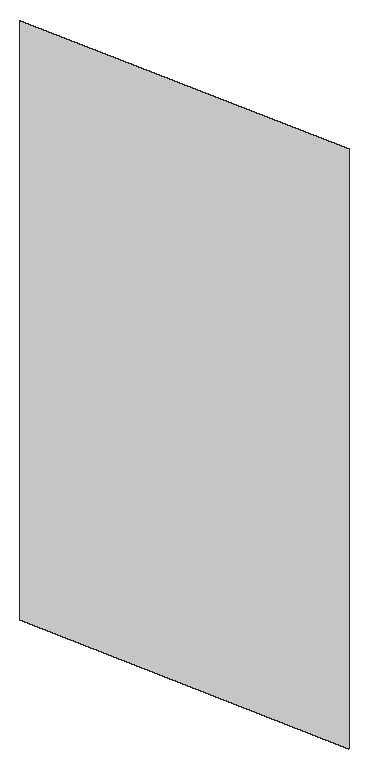
Revit family "Switch-Single (rcp)", category Electrical Fixtures, host Wall, Revit 2021
Family settings
  Host = Wall
  Maintain Annotation Orientation = No
  Round Connector Dimension = Use Diameter
  Part Type = Normal
  Always vertical = Yes
  Cut with Voids When Loaded = No
  Shared = No
  Room Calculation Point = No
Parameters (values of type "Single")
  Width = 0' - 2 3/4"
  Placement Height = 4' - 0"
  Height = 0' - 4 1/2"
  Material = Plastic - White
  Default Elevation = 0' - 0"
  Assembly Code = ""
Reference planes (in)
  plane 1: y = 0
  plane 2 "Center (Left/Right)": x = 0
  plane 3 "Back": y = 3
  plane 4 "Left": x = -1.375
  plane 5 "Right": x = 1.375
  plane 6: z = 45.75
  plane 7: z = 50.25
  plane 8: z = 48
  plane 9: y = 3.1875
  plane 10: y = 3.25
Forms (in)
  Blend 1, solid, material "Plastic - White" <- "Material"
    base sketch origin (0, 3, 0) x (1, 0, 0) y (0, 0, 1)
      loop
        line (1.375, 50.25) -> (-1.375, 50.25) -> (-1.375, 45.75) -> (1.375, 45.75) -> (1.375, 50.25)
    top sketch origin (0, 3, 0) x (1, 0, 0) y (0, 0, 1)
      loop
        line (1.1875, 50.0625) -> (-1.1875, 50.0625) -> (-1.1875, 45.9375) -> (1.1875, 45.9375) -> (1.1875, 50.0625)
    from 0 to -0.1875
Lines and regions (in)
  model lines, style "InvisibleLines"
    curve 1: line (0, 3, 39.75) -> (0, 3, 104.75)
Text (in)
  text "Placement Side" at (0, 40.15149, 123.01588), in view "Right"
  text "Placement Side" at (0, 47.49176, 140.59947), in view "Left"
Dimensions and locks (in)
  locked: plane 3 "Back" to host wall
  "Height": plane 6 to plane 7
  "Width": plane 5 "Right" to plane 4 "Left"
  equal spacing: plane 5 "Right", plane 2 "Center (Left/Right)", plane 4 "Left"
  equal spacing: plane 6, plane 8, plane 7
  "Placement Height": level to plane 8
  locked: plane 3 "Back" to plane 9 at 0.1875
  locked: plane 9 to plane 10 at 0.0625
  aligned and locked: plane 6 to Blend 1 sketch curve
  aligned and locked: plane 5 "Right" to Blend 1 sketch curve
  aligned and locked: Blend 1 sketch curve to plane 7
  aligned and locked: plane 3 "Back" to nested 1
  aligned and locked: plane 2 "Center (Left/Right)" to curve 1
Automatic sketch dimensions
  plane 4 "Left" to Blend 1 sketch curve = 0' - 0 3/16"
  Blend 1 sketch curve to plane 5 "Right" = 0' - 0 3/16"
  Blend 1 sketch curve to plane 6 = 0' - 0 3/16"
  plane 7 to Blend 1 sketch curve = 0' - 0 3/16"
  Blend 1 sketch curve to plane 4 "Left" = 0' - 0"
  plane 6 to curve 1 = 0' - 6"
  curve 1 to plane 7 = 4' - 6 1/2"
Nested families (in)
  nested 1: "Switch Annotation" at (-0.0036, 3, 0), type "Switch Annotation"
Definition of nested family "Switch Annotation"
  Reference planes (in)
    plane 1: y = 0
    plane 2: x = 0
  Lines and regions (in)
    detail lines
      curve 1: arc (0.02706, 0.17188, 0) -> (-0.02706, 0.17188, 0) -> (0, 0.125, 0) r 0.03125
      curve 2: arc (-0.0333, 0.06641, 0) -> (0.03449, 0.06664, 0) -> (0, 0.125, 0) r 0.03906
      curve 3: line (0, 0.04689, 0) -> (0, 0.00873, 0)
